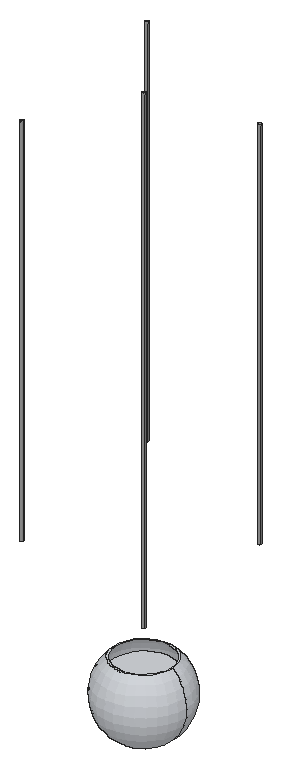
Revit family "BuzziPleat - Suspended", category Lighting Fixtures, host Ceiling, Revit 2018
Family settings
  Host = Ceiling
  Round Connector Dimension = Use Diameter
  Part Type = Normal
  OmniClass Number = 23.80.70.11
  OmniClass Title = Luminaries for Internal Lighting
  Always vertical = Yes
  Cut with Voids When Loaded = No
  Light Source = Yes
  Shared = No
  Room Calculation Point = No
Parameters (values of type "BuzziPleat Edel 100cm - Globe")
  Wires = Default
  Wattage = 12.1178 W
  built-in parameter 1150110 = 1 (stored number, unit not read)
  built-in parameter 1114217 = 1 (stored number, unit not read)
  built-in parameter 1150109 = 1 (stored number, unit not read)
  built-in parameter 1150134 = (empty or 0)
  built-in parameter 1150113 = 1 (stored number, unit not read)
  Symbol = 1' - 7.68504"
  Spot = no
  Lens = none
  Globe Material = none
  Globe = yes
  BuzziPleat Edel 100cm = yes
  Lumens = 1800 lm
  built-in parameter 1150115 = 1 (stored number, unit not read)
  built-in parameter 1150105 = 143.24 (stored number, unit not read)
  Light Source Symbol Size = 2' - 0"
  built-in parameter 1150137 = (empty or 0)
  built-in parameter 1150139 = (empty or 0)
  BuzziPleat Edel 150cm = no
  built-in parameter 1150112 = 1 (stored number, unit not read)
  built-in parameter 1150114 = 1 (stored number, unit not read)
  built-in parameter 1150132 = 2
  built-in parameter 1150102 = (empty or 0)
  built-in parameter 1150138 = (empty or 0)
  built-in parameter 1150107 = 3000 (stored number, unit not read)
  built-in parameter 1150106 = 1.4324 (stored number, unit not read)
  built-in parameter 1150104 = 13.8 (stored number, unit not read)
  Drop From Ceiling = 3' - 0"
  Dimming Lamp Color Temperature Shift = <None>
  Color Filter = 16777215
  BuzziPleat Ripple Shade = none
  BuzziPleat Ripple 150cm = no
  BuzziPleat Ripple 100cm = no
  built-in parameter 1114218 = 1 (stored number, unit not read)
  built-in parameter 1150133 = 10 (stored number, unit not read)
Types (9): name | Wires | Symbol | Spot | Globe | BuzziPleat Edel 100cm | BuzziPleat Edel 150cm | BuzziPleat Ripple 150cm | BuzziPleat Ripple 100cm
  (no name) | Default | 1' - 7.68504" | no | yes | yes | no | no | no
  BuzziPleat Edel 150cm - Spot | none | 2' - 5 135/256" | yes | no | no | yes | no | no
  BuzziPleat Edel 100cm - Spot | Default | 1' - 7.68504" | yes | no | yes | no | no | no
  BuzziPleat Ripple 100cm - Spot | none | 1' - 7.68504" | yes | no | no | no | no | yes
  BuzziPleat Ripple 150cm - Spot | none | 2' - 5 135/256" | yes | no | no | no | yes | no
  BuzziPleat Ripple 150cm - Globe | none | 2' - 5 135/256" | no | yes | no | no | yes | no
  BuzziPleat Ripple 100cm - Globe | none | 1' - 7.68504" | no | yes | no | no | no | yes
  BuzziPleat Edel 150cm - Globe | none | 2' - 5 135/256" | no | yes | no | yes | no | no
  BuzziPleat Edel 100cm - Globe | Default | 1' - 7.68504" | no | yes | yes | no | no | no
Reference planes (in)
  plane 1 "Light Source Axis (F/B)": y = 0
  plane 2 "Ceiling": z = 96
  plane 3 "Light Source Axis (L/R)": x = 0
  plane 4 "Light Source Elevation": z = 60
  plane 5: z = 60
  plane 6: z = 70.61156
  plane 7: z = 61.5
Forms (in)
  Extrusion 1, solid, material "Default" <- "Wires"
    sketch origin (0, 0, 0) x (1, 0, 0) y (0, 1, 0)
      loop
        circle (-4.1021, 5.3805) r 0.09375
      loop
        circle (6.6926, 0.79801) r 0.09282
      loop
        circle (-2.67246, -6.25907) r 0.09375
    from 70.61156 to 94.33844
  Extrusion 2, solid, material "Default" <- "Wires"
    sketch origin (0, 0, 0) x (1, 0, 0) y (0, 1, 0)
      loop
        circle (0, 0.00069) r 0.09375
    from 63.86964 to 94.10712
  Extrusion 3, solid, material <- "Lens"
    sketch origin (0, 0, 0) x (1, 0, 0) y (0, 1, 0)
      loop
        circle (0, 0) r 1.80969
    from 60 to 61.5
Lines and regions (in)
  symbolic lines
    curve 1: circle (0, 0, 96) r 19.68504 normal (0, 0, 1)
Dimensions and locks (in)
  equal spacing: host sketch curve, plane 3 "Light Source Axis (L/R)", host sketch curve
  equal spacing: host sketch curve, plane 1 "Light Source Axis (F/B)", host sketch curve
  host sketch curve to host sketch curve = 10' - 0"  (x2)
  "Drop From Ceiling": plane 2 "Ceiling" to plane 5
  Extrusion 1 to plane 5 = 0' - 10.61156"
  locked: Extrusion 2 to plane 5 at 3.86964
  plane 4 "Light Source Elevation" to plane 5 = 0' - 0"
  locked: plane 7 to plane 5 at 1.5
  locked: plane 7 to plane 6 at 9.11156
  "Symbol": radius of curve 1
  aligned and locked: plane 3 "Light Source Axis (L/R)" to imposter light
  aligned and locked: plane 1 "Light Source Axis (F/B)" to imposter light
  aligned and locked: plane 4 "Light Source Elevation" to imposter light
  aligned and locked: plane 5 to nested 1
  aligned and locked: Extrusion 2 to nested 1
  aligned and locked: plane 2 "Ceiling" to nested 2
  aligned and locked: nested 2 to Extrusion 1
  aligned and locked: plane 6 to nested 3
  aligned and locked: plane 5 to Extrusion 3
  aligned and locked: Extrusion 3 to plane 7
  aligned and locked: plane 6 to Extrusion 1
Automatic sketch dimensions
  Extrusion 2 sketch curve to plane 3 "Light Source Axis (L/R)" = 0' - 0"
  Extrusion 2 sketch curve to plane 1 "Light Source Axis (F/B)" = 0' - 0.00069"
  Extrusion 1 sketch curve to plane 3 "Light Source Axis (L/R)" = 0' - 4.1021"
  Extrusion 1 sketch curve to plane 3 "Light Source Axis (L/R)" = 0' - 2.67246"
  Extrusion 1 sketch curve to plane 1 "Light Source Axis (F/B)" = 0' - 0.79801"
  plane 3 "Light Source Axis (L/R)" to Extrusion 1 sketch curve = 0' - 6.6926"
  plane 1 "Light Source Axis (F/B)" to Extrusion 1 sketch curve = 0' - 6.25907"
  Extrusion 1 sketch curve to plane 1 "Light Source Axis (F/B)" = 0' - 5.3805"
  plane 1 "Light Source Axis (F/B)" to Extrusion 3 sketch curve = 0' - 0"
  Extrusion 3 sketch curve to plane 3 "Light Source Axis (L/R)" = 0' - 0"
  plane 1 "Light Source Axis (F/B)" to curve 1 = 0' - 0"
  curve 1 to plane 3 "Light Source Axis (L/R)" = 0' - 0"
  radius of Extrusion 2 sketch curve = 0' - 0 3/32"
  radius of Extrusion 1 sketch curve = 0' - 0 3/32"  (x2)
  radius of Extrusion 1 sketch curve = 0' - 0.09282"
  radius of Extrusion 3 sketch curve = 0' - 1.80969"
Nested families (in)
  nested 1: "BuzziPleat Imports" at (0, 0, 68.61156), type "BuzziPleat Imports"
  nested 2: "BuzziPleat Hardware" at (0, 0, 63.54273), type "BuzziPleat Hardware"
  nested 3: "BuzziPleat" at (0, 0, 67.11028), type "150cm"
Definition of nested family "BuzziPleat Imports"
  Parameters (values of type "BuzziPleat Imports")
    Spot = yes
    Globe Material = none
    Globe = yes
    150cm = no
    100cm = no
  Reference planes (in)
    plane 1 "Center (Front/Back)": y = 0
    plane 2: z = 0
    plane 3 "Center (Left/Right)": x = 0
    plane 4: z = -4.74191
    plane 5: z = 2
  Forms (in)
    Revolve 1, solid, material <- "Globe Material", visible <- "Globe"
      sketch origin (0, 0, 0) x (1, 0, 0) y (0, 0, 1)
        loop
          arc (0, -11.19782) -> (2.56001, -9.44345) -> (1.84775, -6.42283) r 2.745
          line (1.84775, -6.42283) -> (1.75356, -6.42283)
          arc (1.75356, -6.42283) -> (2.51408, -9.38833) -> (0, -11.13532) r 2.6825
          line (0, -11.13532) -> (0, -11.19782)
        axis (0, -11.19782) -> (0, -6.42283)
      angle from 0 to 360
  Dimensions and locks (in)
    aligned and locked: plane 2 to level
Definition of nested family "BuzziPleat Hardware"
  Reference planes (in)
    plane 1 "Center (Front/Back)": y = 0
    plane 2: z = 0
    plane 3 "Center (Left/Right)": x = 0
    plane 4: z = 30.79571
    plane 5: z = 32.68859
  Dimensions and locks (in)
    aligned and locked: plane 2 to level
